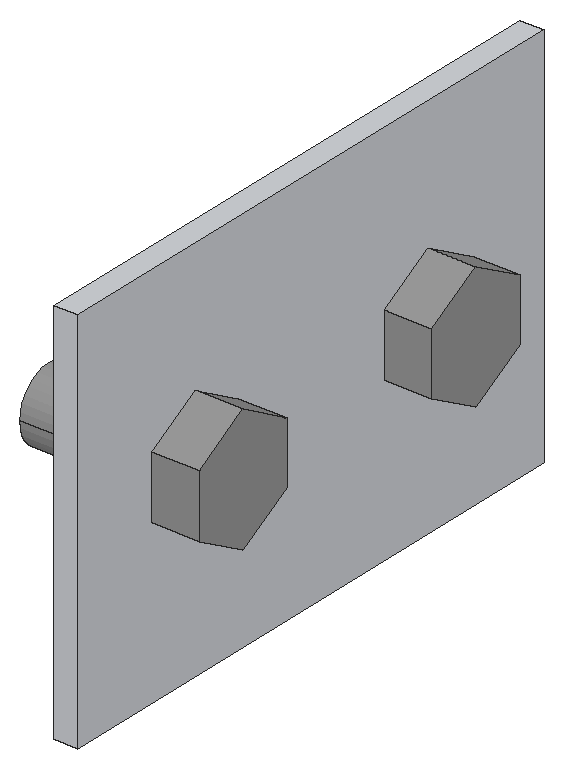
Revit family "051200 - Structural Steel Framing - Shear Tab", category Structural Connections, Revit 2019
Family settings
  Material for Model Behavior = Other
  Work Plane-Based = Yes
  Enable cutting in views = Yes
  Always vertical = No
  Cut with Voids When Loaded = No
  Shared = No
Parameters (values of type "1")
  Web - Thickness = 0' - 0 123/256"
  Tab Material = none
  Tab - Width = 0' - 4"
  Tab - Thickness = 0' - 0 1/4"
  Tab - Height = 0' - 6"
  Default Elevation = 4' - 0"
  Bolt Spacing = 0' - 3"
  Bolt Material = STRUCTURAL BOLTS (PAINT TO MATCH STEEL FINISH)
  Bolt Count = 2
  Bolt - Offset - Width = 0' - 2"
  Bolt - Offset - Height = 0' - 1 1/2"
Reference planes (in)
  plane 1 "Center (Front/Back)": y = 0
  plane 2: z = 0
  plane 3 "Center (Left/Right)": x = 0
  plane 4: y = 3
  plane 5: y = -3
  plane 6: x = -0.25
  plane 7: z = 4
  plane 8: z = 2
  plane 9: y = -1.5
  plane 10: y = 1.5
Forms (in)
  Extrusion 1, solid, material <- "Tab Material"
    sketch origin (0, 0, 0) x (0, 1, 0) y (0, 0, 1)
      loop
        line (3, 4) -> (-3, 4) -> (-3, 0) -> (3, 0) -> (3, 4)
    from 0 to -0.25
Dimensions and locks (in)
  equal spacing: plane 4, plane 1 "Center (Front/Back)", plane 5
  "Tab - Thickness": plane 6 to plane 3 "Center (Left/Right)"
  "Tab - Height": plane 4 to plane 5
  "Tab - Width": plane 7 to plane 2
  "Bolt - Offset - Height": plane 9 to plane 5
  "Bolt - Offset - Width": plane 7 to plane 8
  group 2 to group 1 = 0' - 0"
  group 1 to group 2 = 0' - 3"
  group 1 to group 2 = 0' - 0"
  "Bolt Spacing": plane 10 to plane 9
  plane 4 to plane 10 = 0' - 1 1/2"
  aligned and locked: plane 2 to level
  aligned and locked: Extrusion 1 sketch curve to plane 4
  aligned and locked: plane 2 to Extrusion 1 sketch curve
  aligned and locked: plane 5 to Extrusion 1 sketch curve
  aligned and locked: Extrusion 1 sketch curve to plane 7
  aligned and locked: Extrusion 1 to plane 6
  aligned and locked: plane 9 to nested 1
  aligned and locked: plane 8 to nested 1
  aligned and locked: plane 10 to nested 2
Nested families (in)
  nested 1: "050523 - W_P_C - Fastenings - Lag Bolt or Thru Bolt" at (0, -1.5, 2) x (0, -1, 0) z (1, 0, 0), type "3/4""
    with Nut_Visibility yes
  nested 2: "050523 - W_P_C - Fastenings - Lag Bolt or Thru Bolt" at (0, 1.5, 2) x (0, -1, 0) z (1, 0, 0), type "3/4""
    with Nut_Visibility yes
Definition of nested family "050523 - W_P_C - Fastenings - Lag Bolt or Thru Bolt"
  Parameters (values of type "3/4"")
    Thickness_of_Substrate = 0' - 0 123/256"
    Side = Head Size * 0.57812  # 0' - 0.65039"
    Radius = Diameter / 2  # 0' - 0 3/8"
    Nut_Visibility [instance] = yes
    Length = 0' - 1 1/2"
    Head Size = 0' - 1 1/8"
    Head Radius = Head Size / 2  # 0' - 0 9/16"
    Head Height = 0' - 0 1/2"
    Diameter = 0' - 0 3/4"
    Default Elevation = 4' - 0"
    Bolt Material (Size) = none
  Reference planes (in)
    plane 1 "Center (Front/Back)": y = 0
    plane 2: z = 0
    plane 3 "Center (Left/Right)": x = 0
    plane 4: z = 0.5
    plane 5: z = -1.5
    plane 6: y = 0
    plane 7: x = 0
    plane 8: z = -0.48047
  Forms (in)
    Extrusion 1, solid, material <- "Bolt Material (Size)"
      sketch origin (0, 0, 0) x (1, 0, 0) y (0, 1, 0)
        loop
          circle (0, 0) r 0.375
      from -1.5 to 0
  Lines and regions (in)
    model lines
      curve 1: line (0, -0.64952, 0.5) -> (0, 0.64952, 0.5)
      curve 2: line (0.5625, 0, 0.5) -> (-0.5625, 0, 0.5)
    symbolic lines
      curve 3: line (0, 0, 0.5) -> (0, 0, -1.5)
      curve 4: line (0, 0, 0.5) -> (0, 0, -1.5)
  Dimensions and locks (in)
    "Head Height": plane 4 to level
    "Length": level to plane 5
    "Thickness_of_Substrate": plane 2 to plane 8
    "Radius": radius of Extrusion 1 sketch curve
    aligned and locked: level to plane 2
    aligned and locked: Extrusion 1 to plane 5
    aligned and locked: plane 7 to curve 1
    aligned and locked: plane 6 to curve 2
    aligned and locked: plane 6 to curve 4
  Automatic sketch dimensions
    curve 3 to plane 3 "Center (Left/Right)" = 0' - 0"
    curve 3 to plane 5 = 0' - 0"
    curve 3 to plane 4 = 0' - 0"
    curve 4 to plane 5 = 0' - 0"
    curve 4 to plane 4 = 0' - 0"
    curve 1 to curve 2 = 0' - 0.64952"
    curve 2 to curve 1 = 0' - 0.64952"
    curve 2 to nested 1 = 0' - 0"  (x2)
    plane 1 "Center (Front/Back)" to Extrusion 1 sketch curve = 0' - 0"
    Extrusion 1 sketch curve to plane 3 "Center (Left/Right)" = 0' - 0"
  Nested families (in)
    nested 1: "Nut" at (0, 0, 0), Diameter <- "Diameter", Head Height <- "Head Height", Head Size <- "Head Size", Bolt Material (Size) <- "Bolt Material (Size)", type "one"
      with Side 0' - 0.65039", Radius 0' - 0 3/8", Head Size 0' - 1 1/8", Head Radius 0' - 0 9/16", Head Height 0' - 0 1/2", Diameter 0' - 0 3/4", Bolt Material (Size) none
    nested 2: "Nut" at (0, 0, -0.48047) x (1, 0, 0) z (0, 0, -1), Diameter <- "Diameter", Head Height <- "Head Height", Head Size <- "Head Size", visible <- "Nut_Visibility", type "one"
      with Side 0' - 0.65039", Radius 0' - 0 3/8", Head Size 0' - 1 1/8", Head Radius 0' - 0 9/16", Head Height 0' - 0 1/2", Diameter 0' - 0 3/4", Bolt Material (Size) none
  Definition of nested family "Nut"
    Parameters (values of type "one")
      Side [instance] = Head Size * 0.57812  # 0' - 0 111/256"
      Radius [instance] = Diameter / 2  # 0' - 0 1/4"
      Head Size [instance] = 0' - 0 3/4"
      Head Radius [instance] = Head Size / 2  # 0' - 0 3/8"
      Head Height [instance] = 0' - 0 11/32"
      Diameter [instance] = 0' - 0 1/2"
      Default Elevation = 4' - 0"
      Bolt Material (Size) [instance] = none
    Reference planes (in)
      plane 1 "Center (Front/Back)": y = 0
      plane 2: z = 0
      plane 3 "Center (Left/Right)": x = 0
      plane 4: z = 0.34375
      plane 5: y = 0
      plane 6: x = 0
    Forms (in)
      Extrusion 1, solid, material <- "Bolt Material (Size)"
        sketch origin (0, 0, 0) x (1, 0, 0) y (0, 1, 0)
          loop
            line (0, 0.43301) -> (-0.375, 0.21651) -> (-0.375, -0.21651) -> (0, -0.43301) -> (0.375, -0.21651) -> (0.375, 0.21651) -> (0, 0.43301)
        from 0 to 0.34375
    Lines and regions (in)
      symbolic lines
        curve 1: line (0, 0, 0.34375) -> (0, 0, -3)
    Dimensions and locks (in)
      "Head Height": plane 4 to level
      "Head Radius": Extrusion 1 sketch curve to plane 3 "Center (Left/Right)"
      "Head Radius": Extrusion 1 sketch curve to plane 6
      "Head Radius": Extrusion 1 sketch curve to plane 5  (x2)
      locked: Extrusion 1 sketch curve to Extrusion 1 sketch curve (angle 120.00°)  (x5)
      aligned and locked: level to plane 2
      aligned and locked: Extrusion 1 to plane 4
      aligned and locked: plane 5 to curve 1
    Automatic sketch dimensions
      curve 1 to plane 4 = 0' - 0"
      curve 1 to level = 0' - 3"
      Extrusion 1 sketch curve to plane 3 "Center (Left/Right)" = 0' - 0"  (x2)
